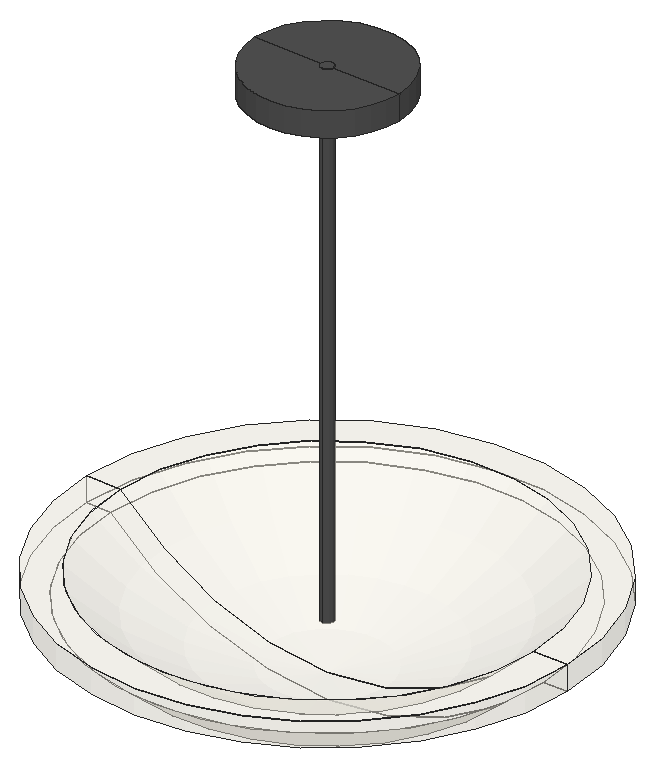
Revit family "LFX_A3-M-Pendant-Hemisphere", category Lighting Fixtures, host Ceiling, Revit 2016
Family settings
  Host = Ceiling
  Part Type = Normal
  Round Connector Dimension = Use Diameter
  Always vertical = Yes
  Cut with Voids When Loaded = No
  Light Source = Yes
  Shared = No
  Room Calculation Point = No
Parameters (values of type "Hemisphere Pendant")
  Wattage = 12.1178 W
  built-in parameter 1150110 = 1 (stored number, unit not read)
  built-in parameter 1114217 = 1 (stored number, unit not read)
  built-in parameter 1150109 = 1 (stored number, unit not read)
  built-in parameter 1150134 = 3
  built-in parameter 1150113 = 1 (stored number, unit not read)
  built-in parameter 1150105 = 143.24 (stored number, unit not read)
  built-in parameter 1150115 = 1 (stored number, unit not read)
  Light Source Symbol Size = 609.60 mm
  built-in parameter 1150137 = (empty or 0)
  built-in parameter 1150139 = (empty or 0)
  built-in parameter 1150112 = 1 (stored number, unit not read)
  built-in parameter 1150114 = 1 (stored number, unit not read)
  built-in parameter 1150132 = 2
  built-in parameter 1150102 = (empty or 0)
  built-in parameter 1150107 = 3200 (stored number, unit not read)
  built-in parameter 1150138 = (empty or 0)
  built-in parameter 1150106 = 1.4324 (stored number, unit not read)
  built-in parameter 1150104 = 13.8 (stored number, unit not read)
  Dimming Lamp Color Temperature Shift = <None>
  Color Filter = 16777215
  Ceiling Mount = Metal - Chrome
  Drop From Ceiling = 600.00 mm
  Lumens = 1800 lm
  Pendant = Glass - Frosted
  Wattage Comments = "100"
  built-in parameter 1114218 = 1 (stored number, unit not read)
  built-in parameter 1150133 = 10 (stored number, unit not read)
Types (5, lengths in mm): name | Wattage | built-in parameter 1150105 | built-in parameter 1150106 | Lumens | Wattage Comments
  (no name) | 12.1178 W | 143.24 (stored number, unit not read) | 1.4324 (stored number, unit not read) | 1800 lm | "100"
  100 watt Incandescant | 12.1178 W | 143.24 (stored number, unit not read) | 1.4324 (stored number, unit not read) | 1800 lm | "100"
  150 watt Incandescant | 18.1767 W | 214.86 (stored number, unit not read) | 2.1486 (stored number, unit not read) | 2700 lm | "150"
  Hemisphere | 12.1178 W | 143.24 (stored number, unit not read) | 1.4324 (stored number, unit not read) | 1800 lm | "100"
  Hemisphere Pendant | 12.1178 W | 143.24 (stored number, unit not read) | 1.4324 (stored number, unit not read) | 1800 lm | "100"
Reference planes
  plane 1 "Light Axis": y = 0
  plane 2 "Ceiling": z = 2438.4
  plane 3 "Light Axis": x = 0
  plane 4 "Light Source Elevation": z = 1914.6
  plane 5: z = 1960.651
  plane 6: z = 1838.4
  plane 7: z = 1935.251
  plane 8: z = 1838.4
Forms (mm)
  Revolve 1, solid, material "Metal - Chrome" <- "Ceiling Mount"
    sketch origin (0, 0, 0) x (1, 0, 0) y (0, 0, 1)
      loop
        line (0, 2438.4) -> (-76.2, 2438.4) -> (-76.2, 2413) -> (0, 2377.467) -> (0, 2438.4)
      axis (0, 2438.4) -> (0, 2377.467)
    angle from 0 to 360
  Revolve 2, solid, material "Glass - Frosted"
    sketch origin (0, 0, 0) x (0, 0, -1) y (1, 0, 0)
      loop
        line (-1838.4, 0) -> (-1863.767, 0)
        arc (-1863.767, 0) -> (-1890.402, -118.856) -> (-1960.651, -218.361) r 310.942
        line (-1960.651, -218.361) -> (-1960.651, -254.3) -> (-1935.128, -254.3) -> (-1935.128, -228.9)
        arc (-1935.128, -228.9) -> (-1864.581, -123.824) -> (-1838.4, 0) r 332.567
      axis (-1960.651, 0) -> (-1838.4, 0)
    angle from 0 to 360
  Extrusion 3, solid, material "Metal - Chrome" <- "Ceiling Mount"
    sketch origin (0, 0, 1914.6) x (0, -1, 0) y (1, 0, 0)
      loop
        circle (0, 0) r 6.35
    from 0 to 523.8
Dimensions and locks
  equal spacing: host sketch curve, plane 3 "Light Axis", host sketch curve
  equal spacing: host sketch curve, plane 1 "Light Axis", host sketch curve
  host sketch curve to host sketch curve = 3048.00 mm  (x2)
  plane 5 to plane 7 to plane 6 = 25.40 mm locked, 96.851 mm locked
  "Drop From Ceiling": plane 2 "Ceiling" to plane 6
  "Drop From Ceiling": plane 2 "Ceiling" to plane 8
  locked: plane 4 "Light Source Elevation" to plane 8 at 76.2
  aligned and locked: plane 2 "Ceiling" to Extrusion 3
  aligned and locked: plane 3 "Light Axis" to imposter light
  aligned and locked: plane 1 "Light Axis" to imposter light
  aligned and locked: plane 4 "Light Source Elevation" to imposter light
Automatic sketch dimensions
  Revolve 1 sketch curve to plane 2 "Ceiling" = 0.00 mm
  Revolve 1 sketch curve to plane 3 "Light Axis" = 0.00 mm  (x2)
  Revolve 1 sketch curve to plane 2 "Ceiling" = 25.40 mm
  Revolve 1 sketch curve to plane 3 "Light Axis" = 76.20 mm
  Revolve 1 sketch curve to plane 2 "Ceiling" = 60.933 mm
  Revolve 1 sketch curve to Revolve 1 sketch curve = 66.067 mm
  plane 2 "Ceiling" to Revolve 1 sketch curve = 76.20 mm
  Revolve 2 sketch curve to plane 3 "Light Axis" = 0.00 mm  (x2)
  Revolve 2 sketch curve to plane 5 = 0.00 mm
  Revolve 2 sketch curve to plane 5 = 50.80 mm
  plane 3 "Light Axis" to Revolve 2 sketch curve = 5.628 mm
  Revolve 2 sketch curve to Revolve 2 sketch curve = 159.469 mm
  Revolve 2 sketch curve to Revolve 2 sketch curve = 3.704 mm
  Revolve 2 sketch curve to plane 7 = 0.123 mm
  plane 6 to Revolve 2 sketch curve = 0.00 mm
  Revolve 2 sketch curve to Revolve 2 sketch curve = 55.549 mm
  Revolve 2 sketch curve to plane 6 = 25.367 mm
  Revolve 2 sketch curve to Revolve 2 sketch curve = 10.54 mm
  Revolve 2 sketch curve to Revolve 2 sketch curve = 35.94 mm
  Extrusion 3 sketch curve to plane 3 "Light Axis" = 0.00 mm
  Extrusion 3 sketch curve to plane 1 "Light Axis" = 0.00 mm
  Extrusion 3 sketch curve to plane 1 "Light Axis" = 6.35 mm
